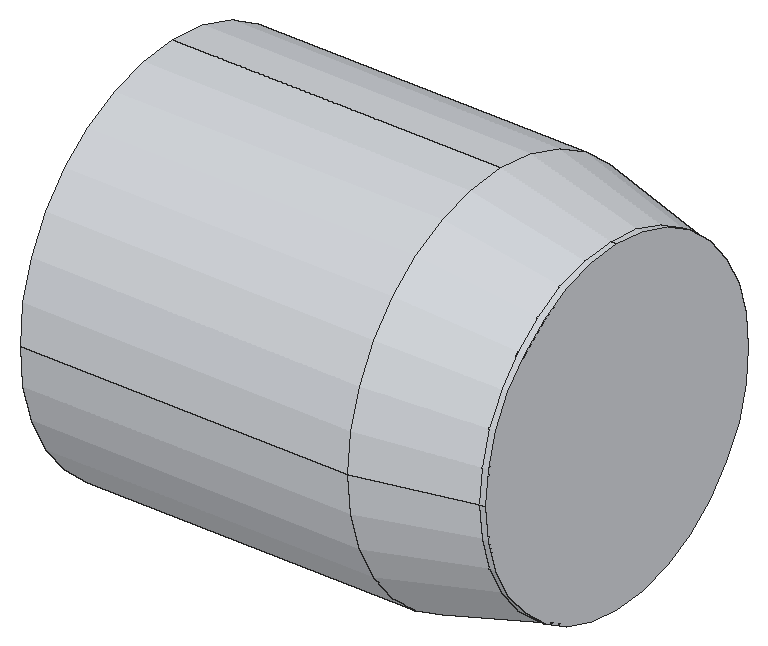
Revit family "102fa2c5cc7a46c4a51d9901b2592caa", category Duct Fittings, Revit 2021
Family settings
  Round Connector Dimension = Use Radius
  Part Type = Tap - Adjustable
  OmniClass Number = 23.75.70.14
  OmniClass Title = Air Ductwork
  Seek Item ID = Round Takeoff - Conical-0000-USA-ENU
  Work Plane-Based = No
  Always vertical = Yes
  Cut with Voids When Loaded = No
  Shared = No
Parameters (values of type "Standard")
  built-in parameter 1114214 [instance] = 1' - 0"
  built-in parameter 1114213 [instance] = 0' - 4"
  built-in parameter 1114215 [instance] = if(Duct Diameter > 1' 4", Duct Diameter * 0.25, 0' 4")  # 0.33333 (stored number, unit not read)
  Duct Radius [instance] = 6"
  R Cone Base [instance] = Duct Diameter / 2 + 0' 1"  # 7"
  Duct Diameter [instance] = Duct Radius * 2  # 12"
  Default Elevation = 0' - 0"
  Assembly Code = ""
Reference planes (in)
  plane 1 "Center (Front/Back)": y = 0
  plane 2: z = 0
  plane 3 "Center (Left/Right)": x = 0
  plane 4: x = -12
  plane 5: x = 4
  plane 6: x = 4.25
Forms (in)
  Sweep 1, solid, detail levels medium+fine
    path in 3D
      loop
        line (-12, 0, 0) -> (0, 0, 0)
    profile "Duct - Round : Duct - Round Cone Base" origin (-6, 0, 0) x (0, 1, 0) y (0, 0, 1)
      loop
        arc (-7, 0) -> (-4.94975, -4.94975) -> (0, -7) r 7
        arc (0, -7) -> (4.94975, -4.94975) -> (7, 0) r 7
        arc (7, 0) -> (4.94975, 4.94975) -> (0, 7) r 7
        arc (0, 7) -> (-4.94975, 4.94975) -> (-7, 0) r 7
  Blend 2, solid, detail levels medium+fine
    base sketch origin (0, 0, 0) x (0, 1, 0) y (0, 0, 1)
      loop
        circle (0, 0) r 7
    top sketch origin (0, 0, 0) x (0, 1, 0) y (0, 0, 1)
      loop
        circle (0, 0) r 6
    from 0 to 4
  Sweep 3, solid, detail levels medium+fine
    path in 3D
      loop
        line (4, 0, 0) -> (4.25, 0, 0)
    profile "Duct - Round : Duct - Round" origin (4.125, 0, 0) x (0, 1, 0) y (0, 0, 1)
      loop
        arc (-6, 0) -> (-4.24264, -4.24264) -> (0, -6) r 6
        arc (0, -6) -> (4.24264, -4.24264) -> (6, 0) r 6
        arc (6, 0) -> (4.24264, 4.24264) -> (0, 6) r 6
        arc (0, 6) -> (-4.24264, 4.24264) -> (-6, 0) r 6
Cuts and joins
  joined: Sweep 1, Blend 2, Sweep 3
Lines and regions (in)
  reference lines
    curve 1: line (-12, 0, 0) -> (0, 0, 0)
    curve 4: line (4, 0, 0) -> (4.25, 0, 0)
  sketch lines
    curve 2: line (-12, 0, 0) -> (0, 0, 0)
    curve 6: line (4, 0, 0) -> (4.25, 0, 0)
  model lines, style "DuctFitting", not visible, detail levels coarse
    curve 3: line (0, 0, 0) -> (4, 0, 0)
  model lines, style "DuctFitting", not visible
    curve 5: line (4, 0, 0) -> (4.25, 0, 0)
Dimensions and locks (in)
  "built-in parameter 1114214": plane 4 to plane 3 "Center (Left/Right)"
  "built-in parameter 1114213": plane 3 "Center (Left/Right)" to plane 5
  locked: plane 5 to plane 6 at 0.25
  "R Cone Base": radius of Blend 2 sketch curve
  "Duct Radius": radius of Blend 2 sketch curve
  aligned and locked: plane 4 to curve 1
  aligned and locked: plane 1 "Center (Front/Back)" to curve 1
  aligned and locked: plane 1 "Center (Front/Back)" to Blend 2 sketch curve  (x2)
  aligned and locked: plane 2 to Blend 2 sketch curve  (x2)
  aligned and locked: plane 3 "Center (Left/Right)" to curve 3
  aligned and locked: plane 5 to curve 3
  aligned and locked: plane 1 "Center (Front/Back)" to curve 3
  aligned and locked: plane 6 to curve 4
  aligned and locked: plane 5 to curve 4
  aligned and locked: plane 1 "Center (Front/Back)" to curve 4
  aligned and locked: curve 5 to curve 4
  aligned and locked: plane 5 to Blend 2
  aligned and locked: Blend 2 to plane 3 "Center (Left/Right)"
Automatic sketch dimensions
  curve 1 to plane 3 "Center (Left/Right)" = 0' - 0"
  curve 5 to plane 6 = 0' - 0"
Connectors (in)
  hvac at (0, 0, 0), driven by "Duct Radius"
    settings: on Sweep 1, index 1, duct flow 0 CFM, flow factor 0, pres drop 0.00 in-wg, loss coef 0, conn angle 0.00°, conn width 12", conn height 12", conn diameter 12", duct sys type 28, conn prof type 0, flow config 0, flow direction 0, loss method 0, conn ref index 2, conn util no, is conn primary yes, conn desc ""
  hvac at (4.25, 0, 0), driven by "Duct Radius"
    settings: on Sweep 3, index 2, duct flow 0 CFM, flow factor 0, pres drop 0.00 in-wg, loss coef 0, conn angle 0.00°, conn width 12", conn height 12", conn diameter 12", duct sys type 28, conn prof type 0, flow config 0, flow direction 0, loss method 0, conn ref index 1, conn util no, is conn primary no, conn desc ""
